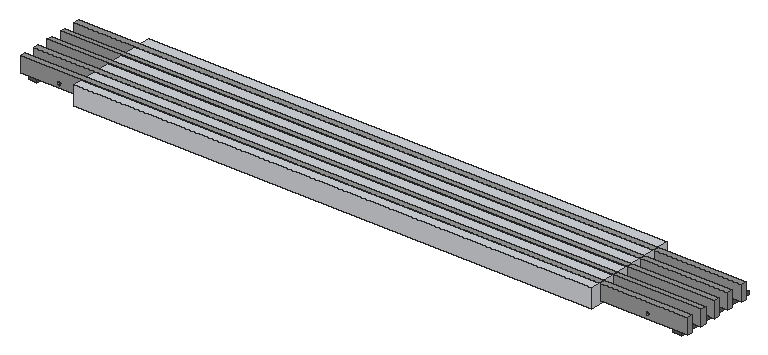
Revit family "1213-5, Veneer", category Generic Models, host Face, Revit 2020
Family settings
  Host = Face
  Can host rebar = No
  Round Connector Dimension = Use Diameter
  Part Type = Normal
  Cut with Voids When Loaded = No
  Shared = No
  Room Calculation Point = No
Parameters
  min_value [instance] = 1' - 11 1/4"  # constant formula
  max_value [instance] = 9' - 11 1/4"  # constant formula
  actual_value [instance] = if(NET LENGTH < min_value, min_value, if(NET LENGTH > max_value, max_value, NET LENGTH))  # 7' - 11 1/4"
  NET LENGTH [instance] = 7' - 11 1/4"
  IMPORTANT NOTE!!!                                                                             *Backer & dowel layout is for visualization purposes only, final layout to be determined by 9Wood. [instance] = ""
  Default Elevation = 4' - 0"
  DOWEL RADIUS [instance] = 0' - 0 1/4"  # constant formula
  BACKING M MATERIAL [instance] = BLACK-BACKERS
  .. MEMBER WIDTH [instance] = 0' - 0 3/4"  # constant formula
  .. MEMBER MATERIAL [instance] = Veneer Cherry
  .. MEMBER DEPTH [instance] = 0' - 2 1/4"  # constant formula
  .. MEMBER COUNT [instance] = 5  # constant formula
Reference planes (in)
  plane 1 "Center (Front/Back)": y = 0
  plane 2: z = 2.726
  plane 3 "Center (Left/Right)": x = 0
Forms (in)
  Extrusion 1, solid
    sketch origin (15, -0.86619, -0.99308) x (0, 1, 0) y (-1, 0, 0)
      loop
        line (3.42869, -23.66817) -> (3.42869, 50.25) -> (-10, 50.25) -> (-10, -23.66817) -> (3.42869, -23.66817)
    from 3.71908 to 1.00111
Dimensions and locks (in)
  aligned and locked: plane 2 to Extrusion 1
Nested families (in)
  nested 1: "1200 Series" at (-44, -2, 1.87867), NET LENGTH <- "actual_value", DOWEL RADII <- "DOWEL RADIUS", .. MEMBER WIDTH <- ".. MEMBER WIDTH", .. MEMBER DEPTH <- ".. MEMBER DEPTH", .. MEMBER MATERIAL <- ".. MEMBER MATERIAL", BACKING M MATERIAL <- "BACKING M MATERIAL", .. MEMBER COUNT <- ".. MEMBER COUNT", type "1200 Series"
    with X 7' - 4", WIDTH 1' - 0 1/16", Space 0' - 0 11/16", START 0' - 0 3/8", SCRIM MATERIAL SCRIM, SCRIM 3 8' - 1", SCRIM 2 0' - 0 7/8", SCRIM 1 0' - 0 3/32", SCRIM yes, NET LENGTH 7' - 11 1/4", N 8, INSET 3 0' - 0 3/16", INSET 0' - 1", INDEX 0' - 5 5/8", END BACKER yes, DOWEL RADII 0' - 0 1/4", DOWEL COUNT 8, BACKING M WIDTH 0' - 1 1/4", BACKING M MATERIAL BLACK-BACKERS, BACKING M LENGTH 0' - 11 7/8", BACKING M DEPTH 0' - 0 1/2", .. MEMBER WIDTH 0' - 0 3/4", .. MEMBER OC TYP 0' - 2.4", .. MEMBER MATERIAL Veneer Cherry, .. MEMBER DEPTH 0' - 2 1/4", .. MEMBER COUNT 5
Definition of nested family "1200 Series"
  Parameters (values of type "1200 Series")
    X [instance] = NET LENGTH - (0' 3 5/8" * 2)  # 6' - 2"
    WIDTH [instance] = 1' - 0 1/16"
    Space [instance] = 0' - 0 11/16"  # constant formula
    START [instance] = .. MEMBER WIDTH / 2  # 0' - 0 3/8"
    SCRIM MATERIAL [instance] = none
    SCRIM 3 [instance] = NET LENGTH + (SCRIM 2 * 2)  # 6' - 11"
    SCRIM 2 [instance] = 0' - 0 7/8"
    SCRIM 1 [instance] = 0' - 0 3/32"
    SCRIM [instance] = yes
    NET LENGTH [instance] = 6' - 9 1/4"
    N [instance] = if((X - (rounddown(X / 1' 0") * 1' 0")) > 1' 0", rounddown(X / 1' 0") + 2, rounddown(X / 1' 0") + 1)  # 7
    INSET 3 [instance] = 0' - 0 3/16"
    INSET [instance] = 0' - 1"
    INDEX [instance] = (NET LENGTH - ((N - 1) * 1' 0")) / 2  # 0' - 4 5/8"
    END BACKER [instance] = yes
    Default Elevation = 0' - 0"
    DOWEL RADII [instance] = 0' - 0 1/4"
    DOWEL COUNT [instance] = N  # 7
    BACKING M WIDTH [instance] = 0' - 1 1/4"
    BACKING M MATERIAL [instance] = none
    BACKING M LENGTH [instance] = 0' - 11 7/8"
    BACKING M DEPTH [instance] = 0' - 0 1/2"
    .. MEMBER WIDTH [instance] = 0' - 0 3/4"
    .. MEMBER OC TYP [instance] = 1' 0" / .. MEMBER COUNT  # 0' - 3"
    .. MEMBER MATERIAL [instance] = none
    .. MEMBER DEPTH [instance] = 0' - 1 3/8"
    .. MEMBER COUNT [instance] = 4
  Reference planes (in)
    plane 1 "Center (Front/Back)": y = -7.5
    plane 2: z = 0
    plane 3 "Center (Left/Right)": x = 0
    plane 4: x = 1
    plane 5: x = 4.625
    plane 6: x = 81.25
    plane 7: x = 80.25
    plane 8: x = 16.625
    plane 9: y = -7.3125
    plane 10: y = -4.125
    plane 11: y = -7.125
    plane 12: y = 4.5625
    plane 13: y = -4.5
    plane 14: y = -7.59375
    plane 15: x = 82.125
    plane 16: y = 4.65625
    plane 17: x = -0.875
    plane 18: z = -1.375
    plane 19: z = -0.6875
  Lines and regions (in)
    model lines
      curve 1: line (4.375, -7.5, -0.6875) -> (4.875, -7.5, -0.6875)
    model lines, not visible
      curve 2: line (4.625, -7.5, -0.9375) -> (4.625, -7.5, -0.4375)
      curve 3: line (4.375, -7.5, -0.6875) -> (4.875, -7.5, -0.6875)
      curve 4: line (16.625, -7.5, -0.9375) -> (16.625, -7.5, -0.4375)
      curve 5: line (16.375, -7.5, -0.6875) -> (16.875, -7.5, -0.6875)
      curve 6: line (28.625, -7.5, -0.9375) -> (28.625, -7.5, -0.4375)
      curve 7: line (28.375, -7.5, -0.6875) -> (28.875, -7.5, -0.6875)
      curve 8: line (40.625, -7.5, -0.9375) -> (40.625, -7.5, -0.4375)
      curve 9: line (40.375, -7.5, -0.6875) -> (40.875, -7.5, -0.6875)
      curve 10: line (52.625, -7.5, -0.9375) -> (52.625, -7.5, -0.4375)
      curve 11: line (52.375, -7.5, -0.6875) -> (52.875, -7.5, -0.6875)
      curve 12: line (64.625, -7.5, -0.9375) -> (64.625, -7.5, -0.4375)
      curve 13: line (64.375, -7.5, -0.6875) -> (64.875, -7.5, -0.6875)
      curve 14: line (76.625, -7.5, -0.9375) -> (76.625, -7.5, -0.4375)
      curve 15: line (76.375, -7.5, -0.6875) -> (76.875, -7.5, -0.6875)
  Dimensions and locks (in)
    "NET LENGTH": plane 3 "Center (Left/Right)" to plane 6
    "INSET": plane 7 to plane 6
    "INDEX": plane 3 "Center (Left/Right)" to plane 5
    plane 5 to plane 8 = 1' - 0"
    "INSET 3": plane 1 "Center (Front/Back)" to plane 9
    equal spacing: group 1, group 2, group 3, group 4  (x3)
    "START": plane 11 to plane 1 "Center (Front/Back)"
    ".. MEMBER OC TYP": plane 10 to plane 11
    "WIDTH": plane 12 to plane 1 "Center (Front/Back)"
    "START": plane 10 to plane 13
    "SCRIM 1": plane 14 to plane 1 "Center (Front/Back)"
    "SCRIM 2": plane 6 to plane 15
    "SCRIM 1": plane 12 to plane 16
    "SCRIM 2": plane 17 to plane 3 "Center (Left/Right)"
    "INSET": plane 3 "Center (Left/Right)" to plane 4
    equal spacing: group 5, group 6, group 7, group 8, group 9, group 10, group 11  (x3)
    "Space": plane 19 to plane 18
    aligned and locked: level to plane 2
    aligned and locked: nested 1 to plane 4  (x2)
    aligned and locked: plane 7 to nested 2
    aligned and locked: plane 5 to nested 3
    aligned and locked: nested 1 to plane 9
    aligned and locked: plane 1 "Center (Front/Back)" to nested 4
    aligned and locked: plane 9 to nested 2
    aligned and locked: plane 13 to nested 5
    aligned and locked: nested 3 to plane 9
    aligned and locked: plane 18 to nested 1
    aligned and locked: plane 19 to nested 3
    aligned and locked: curve 1 to plane 19
    aligned and locked: plane 8 to curve 4
    aligned and locked: curve 5 to plane 19
    aligned and locked: nested 4 to plane 18
  Automatic sketch dimensions
    curve 1 to curve 1 = 0' - 0 1/2"
    curve 1 to plane 5 = 0' - 0 1/4"
    plane 5 to curve 1 = 0' - 0 1/4"
    curve 3 to curve 2 = 0' - 0 1/4"  (x2)
    curve 2 to curve 3 = 0' - 0 1/4"  (x2)
    curve 5 to curve 4 = 0' - 0 1/4"  (x2)
    curve 4 to curve 5 = 0' - 0 1/4"  (x2)
    curve 7 to curve 6 = 0' - 0 1/4"  (x2)
    curve 6 to curve 7 = 0' - 0 1/4"  (x2)
    curve 9 to curve 8 = 0' - 0 1/4"  (x2)
    curve 8 to curve 9 = 0' - 0 1/4"  (x2)
    curve 11 to curve 10 = 0' - 0 1/4"  (x2)
    curve 10 to curve 11 = 0' - 0 1/4"  (x2)
    curve 13 to curve 12 = 0' - 0 1/4"  (x2)
    curve 12 to curve 13 = 0' - 0 1/4"  (x2)
    curve 15 to curve 14 = 0' - 0 1/4"  (x2)
    curve 14 to curve 15 = 0' - 0 1/4"  (x2)
  Nested families (in)
    nested 1: "INSTANCE - 2ND -  EXTEND SIDE H CENTER W - Parametric Cube" at (1, -1.375, -1.375) x (0, -1, 0) z (0, 0, 1), Width <- "BACKING M LENGTH", Length <- "BACKING M WIDTH", Material <- "BACKING M MATERIAL", Height <- "BACKING M DEPTH", visible <- "END BACKER", type "INSTANCE - 2ND -  EXTEND SIDE H CENTER W - Parametric Cube"
      with Width 0' - 11 7/8", Material none, Length 0' - 1 1/4", Height 0' - 0 1/2"
    nested 2: "INSTANCE - 2ND -  EXTEND SIDE H CENTER W - Parametric Cube" at (80.25, -1.375, -1.375) x (0, -1, 0) z (0, 0, 1), Width <- "BACKING M LENGTH", Length <- "BACKING M WIDTH", Material <- "BACKING M MATERIAL", Height <- "BACKING M DEPTH", visible <- "END BACKER", type "INSTANCE - 2ND -  EXTEND SIDE H CENTER W - Parametric Cube"
      with Width 0' - 11 7/8", Material none, Length 0' - 1 1/4", Height 0' - 0 1/2"
    nested 3: "Family3" at (-5.375, -7.3125, -0.6875), DOWEL RADII <- "DOWEL RADII", BACKING MEM MATERIAL <- "BACKING M MATERIAL", type "Family3"
      with DOWEL RADII 0' - 0 1/4", DOWEL LENGTH 0' - 11 7/8", BACKING MEM MATERIAL none
    nested 4: "HOLED MEMBER" at (0, -18.75, 6.19404), DOWEL RADII <- "DOWEL RADII", .. MEMBER LENGTH <- "NET LENGTH", DOWEL COUNT <- "DOWEL COUNT", DEPTH <- ".. MEMBER DEPTH", .. MEMBER WIDTH <- ".. MEMBER WIDTH", Material <- ".. MEMBER MATERIAL", DOWEL INDEX <- "INDEX", Space 2 <- "Space", type "HOLED MEMBER"
      with Width 0' - 6", Space 2 0' - 0 11/16", Material none, Length 1' - 0", Height 0' - 10.43096", DOWEL RADII 0' - 0 1/4", DOWEL OC DIST 1' - 0", DOWEL INDEX 0' - 4 5/8", DOWEL COUNT 7, DEPTH 0' - 1 3/8", .. MEMBER WIDTH 0' - 0 3/4", .. MEMBER LENGTH 6' - 9 1/4"
    nested 5: "HOLED MEMBER" at (0, -15.75, 6.19404), DOWEL RADII <- "DOWEL RADII", .. MEMBER LENGTH <- "NET LENGTH", DOWEL COUNT <- "DOWEL COUNT", DEPTH <- ".. MEMBER DEPTH", .. MEMBER WIDTH <- ".. MEMBER WIDTH", Material <- ".. MEMBER MATERIAL", DOWEL INDEX <- "INDEX", Space 2 <- "Space", type "HOLED MEMBER"
      with Width 0' - 6", Space 2 0' - 0 11/16", Material none, Length 1' - 0", Height 0' - 10.43096", DOWEL RADII 0' - 0 1/4", DOWEL OC DIST 1' - 0", DOWEL INDEX 0' - 4 5/8", DOWEL COUNT 7, DEPTH 0' - 1 3/8", .. MEMBER WIDTH 0' - 0 3/4", .. MEMBER LENGTH 6' - 9 1/4"
    nested 6: "HOLED MEMBER" at (0, -12.75, 6.19404), DOWEL RADII <- "DOWEL RADII", .. MEMBER LENGTH <- "NET LENGTH", DOWEL COUNT <- "DOWEL COUNT", DEPTH <- ".. MEMBER DEPTH", .. MEMBER WIDTH <- ".. MEMBER WIDTH", Material <- ".. MEMBER MATERIAL", DOWEL INDEX <- "INDEX", Space 2 <- "Space", type "HOLED MEMBER"
      with Width 0' - 6", Space 2 0' - 0 11/16", Material none, Length 1' - 0", Height 0' - 10.43096", DOWEL RADII 0' - 0 1/4", DOWEL OC DIST 1' - 0", DOWEL INDEX 0' - 4 5/8", DOWEL COUNT 7, DEPTH 0' - 1 3/8", .. MEMBER WIDTH 0' - 0 3/4", .. MEMBER LENGTH 6' - 9 1/4"
    nested 7: "HOLED MEMBER" at (0, -9.75, 6.19404), DOWEL RADII <- "DOWEL RADII", .. MEMBER LENGTH <- "NET LENGTH", DOWEL COUNT <- "DOWEL COUNT", DEPTH <- ".. MEMBER DEPTH", .. MEMBER WIDTH <- ".. MEMBER WIDTH", Material <- ".. MEMBER MATERIAL", DOWEL INDEX <- "INDEX", Space 2 <- "Space", type "HOLED MEMBER"
      with Width 0' - 6", Space 2 0' - 0 11/16", Material none, Length 1' - 0", Height 0' - 10.43096", DOWEL RADII 0' - 0 1/4", DOWEL OC DIST 1' - 0", DOWEL INDEX 0' - 4 5/8", DOWEL COUNT 7, DEPTH 0' - 1 3/8", .. MEMBER WIDTH 0' - 0 3/4", .. MEMBER LENGTH 6' - 9 1/4"
    nested 8: "Family3" at (6.625, -7.3125, -0.6875), DOWEL RADII <- "DOWEL RADII", BACKING MEM MATERIAL <- "BACKING M MATERIAL", type "Family3"
      with DOWEL RADII 0' - 0 1/4", DOWEL LENGTH 0' - 11 7/8", BACKING MEM MATERIAL none
    nested 9: "Family3" at (18.625, -7.3125, -0.6875), DOWEL RADII <- "DOWEL RADII", BACKING MEM MATERIAL <- "BACKING M MATERIAL", type "Family3"
      with DOWEL RADII 0' - 0 1/4", DOWEL LENGTH 0' - 11 7/8", BACKING MEM MATERIAL none
    nested 10: "Family3" at (30.625, -7.3125, -0.6875), DOWEL RADII <- "DOWEL RADII", BACKING MEM MATERIAL <- "BACKING M MATERIAL", type "Family3"
      with DOWEL RADII 0' - 0 1/4", DOWEL LENGTH 0' - 11 7/8", BACKING MEM MATERIAL none
    nested 11: "Family3" at (42.625, -7.3125, -0.6875), DOWEL RADII <- "DOWEL RADII", BACKING MEM MATERIAL <- "BACKING M MATERIAL", type "Family3"
      with DOWEL RADII 0' - 0 1/4", DOWEL LENGTH 0' - 11 7/8", BACKING MEM MATERIAL none
    nested 12: "Family3" at (54.625, -7.3125, -0.6875), DOWEL RADII <- "DOWEL RADII", BACKING MEM MATERIAL <- "BACKING M MATERIAL", type "Family3"
      with DOWEL RADII 0' - 0 1/4", DOWEL LENGTH 0' - 11 7/8", BACKING MEM MATERIAL none
    nested 13: "Family3" at (66.625, -7.3125, -0.6875), DOWEL RADII <- "DOWEL RADII", BACKING MEM MATERIAL <- "BACKING M MATERIAL", type "Family3"
      with DOWEL RADII 0' - 0 1/4", DOWEL LENGTH 0' - 11 7/8", BACKING MEM MATERIAL none
  Definition of nested family "INSTANCE - 2ND -  EXTEND SIDE H CENTER W - Parametric Cube"
    Parameters (values of type "INSTANCE - 2ND -  EXTEND SIDE H CENTER W - Parametric Cube")
      Width [instance] = 0' - 6"
      Material [instance] = none
      Length [instance] = 1' - 0"
      Height [instance] = 1' - 6"
      Default Elevation = 0' - 0"
    Reference planes (in)
      plane 1 "Center (Front/Back)": y = 0
      plane 2: z = 0
      plane 3 "Center (Left/Right)": x = 0
      plane 4: x = -3
      plane 5: x = 3
      plane 6: y = 12
      plane 7: z = -18
    Forms (in)
      Extrusion 1, solid, material <- "Material"
        sketch origin (0, 6, 0) x (1, 0, 0) y (0, 1, 0)
          loop
            line (-3, 6) -> (-3, -6) -> (3, -6) -> (3, 6) -> (-3, 6)
        from -18 to 0
    Dimensions and locks (in)
      equal spacing: plane 4, plane 3 "Center (Left/Right)", plane 5
      "Width": plane 4 to plane 5
      "Height": plane 7 to level
      "Length": plane 1 "Center (Front/Back)" to plane 6
      aligned and locked: plane 2 to level
      aligned and locked: plane 4 to Extrusion 1 sketch curve
      aligned and locked: Extrusion 1 sketch curve to plane 5
      aligned and locked: Extrusion 1 to plane 7
      aligned and locked: plane 6 to Extrusion 1
    Automatic sketch dimensions
      plane 1 "Center (Front/Back)" to Extrusion 1 sketch curve = 0' - 0"
      plane 6 to Extrusion 1 sketch curve = 0' - 0"
  Definition of nested family "Family3"
    Parameters (values of type "Family3")
      Default Elevation = 0' - 0"
      DOWEL RADII [instance] = 0' - 0 5/8"
      DOWEL LENGTH [instance] = 0' - 5"
      BACKING MEM MATERIAL [instance] = none
    Reference planes (in)
      plane 1 "Center (Front/Back)": y = 0
      plane 2: z = 0
      plane 3 "Center (Left/Right)": x = 0
      plane 4: y = 5
    Forms (in)
      Extrusion 1, solid, material <- "BACKING MEM MATERIAL"
        sketch origin (10, 0, 0) x (1, 0, 0) y (0, 0, 1)
          loop
            circle (0, 0) r 0.625
        from 0 to -5
      Extrusion 2, solid, not visible
        sketch origin (0, 0, 0) x (1, 0, 0) y (0, 0, 1)
          loop
            circle (0, 0) r 0.625
        from 0 to 12
      Extrusion 3, solid, not visible
        sketch origin (10, 0, 0) x (1, 0, 0) y (0, 0, 1)
          loop
            circle (0, 0) r 0.625
        from 0 to 2.5
      Extrusion 4, solid, not visible
        sketch origin (10, 0, 0) x (1, 0, 0) y (0, 0, 1)
          loop
            circle (0, 0) r 0.625
        from 0 to -12
    Lines and regions (in)
      model lines, not visible
        curve 1: line (-13, 0, 0) -> (-13, -12, 0)
        curve 2: line (13, 0, 0) -> (13, -12, 0)
        curve 3: line (9.89453, 0, 0) -> (10.08794, 0, 0)
        curve 4: line (9.89453, -2.5, 0) -> (10.08794, -2.5, 0)
        curve 6: line (10, 0, 0) -> (10, 2, 0)
      model lines
        curve 5: line (10, 0, 0) -> (10, 2, 0)
    Dimensions and locks (in)
      "DOWEL LENGTH": plane 1 "Center (Front/Back)" to plane 4
      "DOWEL RADII": radius of Extrusion 1 sketch curve
      "DOWEL RADII": radius of Extrusion 2 sketch curve
      "DOWEL RADII": radius of Extrusion 3 sketch curve
      "DOWEL RADII": radius of Extrusion 4 sketch curve
      "DOWEL RADII": radius of Extrusion 1
      aligned and locked: plane 2 to level
      aligned and locked: Extrusion 1 to plane 1 "Center (Front/Back)"  (x3)
      aligned and locked: plane 1 "Center (Front/Back)" to Extrusion 1
      aligned and locked: plane 4 to Extrusion 1
    Automatic sketch dimensions
      plane 1 "Center (Front/Back)" to curve 5 = 0' - 0"
      curve 5 to plane 1 "Center (Front/Back)" = 0' - 2"
      plane 3 "Center (Left/Right)" to curve 5 = 0' - 10"
      Extrusion 1 sketch curve to level = 0' - 0"
      plane 3 "Center (Left/Right)" to Extrusion 1 sketch curve = 0' - 10"
  Definition of nested family "HOLED MEMBER"
    Parameters (values of type "HOLED MEMBER")
      Width [instance] = 0' - 6"
      Space 2 [instance] = 0' - 0 5/8"
      Space = 0' - 0 5/8"
      Material [instance] = none
      Length [instance] = 1' - 0"
      Height [instance] = 0' - 10.43096"
      Default Elevation = 0' - 0"
      DOWEL RADII [instance] = 0' - 0.34537"
      DOWEL OC DIST [instance] = 1' - 0"
      DOWEL INSET = 0' - 0 5/8"
      DOWEL INDEX [instance] = 0' - 5 5/8"
      DOWEL COUNT [instance] = 6
      DEPTH [instance] = 0' - 2"
      .. MEMBER WIDTH [instance] = 0' - 0 5/8"
      .. MEMBER LENGTH [instance] = 5' - 11 3/4"
    Reference planes (in)
      plane 1 "Center (Front/Back)": y = 12
      plane 2: z = -7.56904
      plane 3 "Center (Left/Right)": x = 0
      plane 4: x = 5.625
      plane 5: x = 17.625
      plane 6: y = 11.375
      plane 7: x = 71.75
      plane 8: z = -6.94404
      plane 9: z = -5.56904
    Forms (in)
      Extrusion 1, solid, material <- "Material"
        sketch origin (0, 12, -13.56904) x (1, 0, 0) y (0, 0, 1)
          loop
            line (0, 6) -> (71.75, 6) -> (71.75, 8) -> (0, 8) -> (0, 6)
        from 0.625 to 0
      Extrusion 2, void
        sketch origin (0, 12, -18.31904) x (1, 0, 0) y (0, 0, 1)
          loop
            circle (5.625, 11.375) r 0.34537
        from 0 to 12
      Extrusion 3, void, not visible
        sketch origin (0, 1.25, 0) x (1, 0, 0) y (0, 1, 0)
          loop
            circle (5.625, 11.375) r 0.34537
        from 0 to 12
      Extrusion 4, void, not visible
        sketch origin (0, 1.25, 0) x (1, 0, 0) y (0, 1, 0)
          loop
            circle (5.625, 11.375) r 0.34537
        from 0 to 12
      Extrusion 5, void, not visible
        sketch origin (12, 1.25, 0) x (1, 0, 0) y (0, 1, 0)
          loop
            circle (5.625, 11.375) r 0.34537
        from 0 to 12
      Extrusion 6, void, not visible
        sketch origin (0, 12, -16.31904) x (1, 0, 0) y (0, 0, 1)
          loop
            circle (5.625, 11.375) r 0.34537
        from 0 to 12
      Extrusion 7, void, not visible
        sketch origin (12, 12, -16.31904) x (1, 0, 0) y (0, 0, 1)
          loop
            circle (5.625, 11.375) r 0.34537
        from 0 to 12
      Extrusion 8, void, not visible
        sketch origin (0, 12, -18.31904) x (1, 0, 0) y (0, 0, 1)
          loop
            circle (5.625, 11.375) r 0.34537
        from 0 to 12
      Extrusion 9, void
        sketch origin (12, 12, -18.31904) x (1, 0, 0) y (0, 0, 1)
          loop
            circle (5.625, 11.375) r 0.34537
        from 0 to 12
      Extrusion 10, void, not visible
        sketch origin (24, 12, -16.31904) x (1, 0, 0) y (0, 0, 1)
          loop
            circle (5.625, 11.375) r 0.34537
        from 0 to 12
      Extrusion 11, void, not visible
        sketch origin (36, 12, -16.31904) x (1, 0, 0) y (0, 0, 1)
          loop
            circle (5.625, 11.375) r 0.34537
        from 0 to 12
      Extrusion 12, void, not visible
        sketch origin (48, 12, -16.31904) x (1, 0, 0) y (0, 0, 1)
          loop
            circle (5.625, 11.375) r 0.34537
        from 0 to 12
      Extrusion 13, void, not visible
        sketch origin (60, 12, -16.31904) x (1, 0, 0) y (0, 0, 1)
          loop
            circle (5.625, 11.375) r 0.34537
        from 0 to 12
      Extrusion 14, void, not visible
        sketch origin (24, 1.25, 0) x (1, 0, 0) y (0, 1, 0)
          loop
            circle (5.625, 11.375) r 0.34537
        from 0 to 12
      Extrusion 15, void, not visible
        sketch origin (36, 1.25, 0) x (1, 0, 0) y (0, 1, 0)
          loop
            circle (5.625, 11.375) r 0.34537
        from 0 to 12
      Extrusion 16, void, not visible
        sketch origin (48, 1.25, 0) x (1, 0, 0) y (0, 1, 0)
          loop
            circle (5.625, 11.375) r 0.34537
        from 0 to 12
      Extrusion 17, void, not visible
        sketch origin (60, 1.25, 0) x (1, 0, 0) y (0, 1, 0)
          loop
            circle (5.625, 11.375) r 0.34537
        from 0 to 12
      Extrusion 18, void
        sketch origin (24, 12, -18.31904) x (1, 0, 0) y (0, 0, 1)
          loop
            circle (5.625, 11.375) r 0.34537
        from 0 to 12
      Extrusion 19, void
        sketch origin (36, 12, -18.31904) x (1, 0, 0) y (0, 0, 1)
          loop
            circle (5.625, 11.375) r 0.34537
        from 0 to 12
      Extrusion 20, void
        sketch origin (48, 12, -18.31904) x (1, 0, 0) y (0, 0, 1)
          loop
            circle (5.625, 11.375) r 0.34537
        from 0 to 12
      Extrusion 21, void
        sketch origin (60, 12, -18.31904) x (1, 0, 0) y (0, 0, 1)
          loop
            circle (5.625, 11.375) r 0.34537
        from 0 to 12
    Cuts and joins
      Extrusion 2, Extrusion 9, Extrusion 18, Extrusion 19, Extrusion 20, Extrusion 21 cuts Extrusion 1
    Lines and regions (in)
      model lines, not visible
        curve 1: line (5.625, 11.72037, 0) -> (5.625, 11.02963, 0)
        curve 2: line (5.625, 11.72037, 0) -> (5.625, 11.02963, 0)
        curve 3: line (17.625, 11.72037, 0) -> (17.625, 11.02963, 0)
        curve 4: line (5.625, 12, -7.56904) -> (5.625, 11.87317, -7.56904)
        curve 5: line (5.625, 11.87317, -7.56904) -> (5.06195, 11.87317, -7.56904)
        curve 6: line (5.06195, 11.87317, -7.56904) -> (5.27963, 11.375, -7.56904)
        curve 7: line (0, 12, -6.19404) -> (0, 11.61951, -6.19404)
        curve 8: line (0, 11.375, -8.19404) -> (0, 11.6747, -8.19404)
        curve 9: line (5.625, 12, -7.56904) -> (5.625, 11.69863, -7.56904)
        curve 11: line (5.625, 12, 0) -> (5.625, 12, 0.30137)
        curve 12: line (5.625, 12, 0) -> (5.625, 12, 0.30137)
        curve 13: line (17.625, 12, 0) -> (17.625, 12, 0.30137)
        curve 14: line (5.625, 12, -5.56904) -> (5.625, 11.69863, -5.56904)
        curve 15: line (17.625, 12, -5.56904) -> (17.625, 11.69863, -5.56904)
        curve 16: line (5.625, 12, -7.56904) -> (5.625, 11.69863, -7.56904)
        curve 18: line (29.625, 12, -5.56904) -> (29.625, 11.69863, -5.56904)
        curve 19: line (41.625, 12, -5.56904) -> (41.625, 11.69863, -5.56904)
        curve 20: line (53.625, 12, -5.56904) -> (53.625, 11.69863, -5.56904)
        curve 21: line (65.625, 12, -5.56904) -> (65.625, 11.69863, -5.56904)
        curve 22: line (29.625, 11.72037, 0) -> (29.625, 11.02963, 0)
        curve 23: line (29.625, 12, 0) -> (29.625, 12, 0.30137)
        curve 24: line (41.625, 11.72037, 0) -> (41.625, 11.02963, 0)
        curve 25: line (41.625, 12, 0) -> (41.625, 12, 0.30137)
        curve 26: line (53.625, 11.72037, 0) -> (53.625, 11.02963, 0)
        curve 27: line (53.625, 12, 0) -> (53.625, 12, 0.30137)
        curve 28: line (65.625, 11.72037, 0) -> (65.625, 11.02963, 0)
        curve 29: line (65.625, 12, 0) -> (65.625, 12, 0.30137)
        curve 35: line (5.27963, 12.625, 0) -> (5.97037, 12.625, 0)
        curve 36: line (5.27963, 12.625, 0) -> (5.97037, 12.625, 0)
        curve 37: line (17.27963, 12.625, 0) -> (17.97037, 12.625, 0)
        curve 38: line (5.27963, 12, -4.94404) -> (5.97037, 12, -4.94404)
        curve 39: line (17.27963, 12, -4.94404) -> (17.97037, 12, -4.94404)
        curve 40: line (5.27963, 12, -6.94404) -> (5.97037, 12, -6.94404)
        curve 42: line (29.27963, 12, -4.94404) -> (29.97037, 12, -4.94404)
        curve 43: line (41.27963, 12, -4.94404) -> (41.97037, 12, -4.94404)
        curve 44: line (53.27963, 12, -4.94404) -> (53.97037, 12, -4.94404)
        curve 45: line (65.27963, 12, -4.94404) -> (65.97037, 12, -4.94404)
        curve 46: line (29.27963, 12.625, 0) -> (29.97037, 12.625, 0)
        curve 47: line (41.27963, 12.625, 0) -> (41.97037, 12.625, 0)
        curve 48: line (53.27963, 12.625, 0) -> (53.97037, 12.625, 0)
        curve 49: line (65.27963, 12.625, 0) -> (65.97037, 12.625, 0)
        curve 54: line (0, 12, -6.94404) -> (0, 4.22059, -6.94404)
        curve 55: line (0, 12.625, 0) -> (0, 12.625, 7.77941)
        curve 56: line (0, 12.625, 0) -> (0, 12.625, 7.77941)
        curve 57: line (12, 12.625, 0) -> (12, 12.625, 7.77941)
        curve 58: line (0, 12, -4.94404) -> (0, 4.22059, -4.94404)
        curve 59: line (12, 12, -4.94404) -> (12, 4.22059, -4.94404)
        curve 60: line (0, 12, -6.94404) -> (0, 4.22059, -6.94404)
        curve 61: line (12, 12, -6.94404) -> (12, 4.22059, -6.94404)
        curve 62: line (24, 12, -4.94404) -> (24, 4.22059, -4.94404)
        curve 63: line (36, 12, -4.94404) -> (36, 4.22059, -4.94404)
        curve 64: line (48, 12, -4.94404) -> (48, 4.22059, -4.94404)
        curve 65: line (60, 12, -4.94404) -> (60, 4.22059, -4.94404)
        curve 66: line (24, 12.625, 0) -> (24, 12.625, 7.77941)
        curve 67: line (36, 12.625, 0) -> (36, 12.625, 7.77941)
        curve 68: line (48, 12.625, 0) -> (48, 12.625, 7.77941)
        curve 69: line (60, 12.625, 0) -> (60, 12.625, 7.77941)
        curve 70: line (24, 12, -6.94404) -> (24, 4.22059, -6.94404)
        curve 71: line (36, 12, -6.94404) -> (36, 4.22059, -6.94404)
        curve 72: line (48, 12, -6.94404) -> (48, 4.22059, -6.94404)
        curve 73: line (60, 12, -6.94404) -> (60, 4.22059, -6.94404)
      model lines
        curve 10: line (5.625, 12, -7.56904) -> (5.625, 11.69863, -7.56904)
        curve 17: line (17.625, 12, -7.56904) -> (17.625, 11.69863, -7.56904)
        curve 30: line (29.625, 12, -7.56904) -> (29.625, 11.69863, -7.56904)
        curve 31: line (41.625, 12, -7.56904) -> (41.625, 11.69863, -7.56904)
        curve 32: line (53.625, 12, -7.56904) -> (53.625, 11.69863, -7.56904)
        curve 33: line (65.625, 12, -7.56904) -> (65.625, 11.69863, -7.56904)
        curve 34: line (5.27963, 12, -6.94404) -> (5.97037, 12, -6.94404)
        curve 41: line (17.27963, 12, -6.94404) -> (17.97037, 12, -6.94404)
        curve 50: line (29.27963, 12, -6.94404) -> (29.97037, 12, -6.94404)
        curve 51: line (41.27963, 12, -6.94404) -> (41.97037, 12, -6.94404)
        curve 52: line (53.27963, 12, -6.94404) -> (53.97037, 12, -6.94404)
        curve 53: line (65.27963, 12, -6.94404) -> (65.97037, 12, -6.94404)
    Dimensions and locks (in)
      "DOWEL INDEX": plane 3 "Center (Left/Right)" to plane 4
      "DOWEL OC DIST": plane 4 to plane 5
      ".. MEMBER LENGTH": plane 3 "Center (Left/Right)" to plane 7
      equal spacing: group 3, group 4, group 17, group 18, group 19, group 20  (x3)
      equal spacing: group 7, group 8, group 13, group 14, group 15, group 16  (x3)
      equal spacing: group 1, group 12, group 21, group 22, group 23, group 24  (x3)
      ".. MEMBER WIDTH": plane 6 to plane 1 "Center (Front/Back)"
      "DEPTH": plane 9 to level
      "Space 2": plane 8 to level
      "DOWEL RADII": radius of Extrusion 2 sketch curve
      "DOWEL RADII": radius of Extrusion 3 sketch curve
      "DOWEL RADII": radius of Extrusion 4 sketch curve
      "DOWEL RADII": radius of Extrusion 5 sketch curve
      "DOWEL RADII": radius of Extrusion 6 sketch curve
      "DOWEL RADII": radius of Extrusion 7 sketch curve
      "DOWEL RADII": radius of Extrusion 8 sketch curve
      "DOWEL RADII": radius of Extrusion 9 sketch curve
      "DOWEL RADII": radius of Extrusion 10 sketch curve
      "DOWEL RADII": radius of Extrusion 11 sketch curve
      "DOWEL RADII": radius of Extrusion 12 sketch curve
      "DOWEL RADII": radius of Extrusion 13 sketch curve
      "DOWEL RADII": radius of Extrusion 14 sketch curve
      "DOWEL RADII": radius of Extrusion 15 sketch curve
      "DOWEL RADII": radius of Extrusion 16 sketch curve
      "DOWEL RADII": radius of Extrusion 17 sketch curve
      "DOWEL RADII": radius of Extrusion 18 sketch curve
      "DOWEL RADII": radius of Extrusion 19 sketch curve
      "DOWEL RADII": radius of Extrusion 20 sketch curve
      "DOWEL RADII": radius of Extrusion 21 sketch curve
      aligned and locked: level to plane 2
      aligned and locked: Extrusion 1 to plane 3 "Center (Left/Right)"  (x2)
      aligned and locked: plane 7 to cut or joined group of Extrusion 1, Extrusion 2, Extrusion 9, Extrusion 18, Extrusion 19, Extrusion 20, Extrusion 21  (x2)
      aligned and locked: cut or joined group of Extrusion 1, Extrusion 2, Extrusion 9, Extrusion 18, Extrusion 19, Extrusion 20, Extrusion 21 to plane 1 "Center (Front/Back)"  (x2)
      aligned and locked: cut or joined group of Extrusion 1, Extrusion 2, Extrusion 9, Extrusion 18, Extrusion 19, Extrusion 20, Extrusion 21 to plane 6  (x2)
      aligned and locked: plane 4 to curve 10
      aligned and locked: plane 5 to curve 17
      aligned and locked: plane 9 to cut or joined group of Extrusion 1, Extrusion 2, Extrusion 9, Extrusion 18, Extrusion 19, Extrusion 20, Extrusion 21  (x2)
      aligned and locked: cut or joined group of Extrusion 1, Extrusion 2, Extrusion 9, Extrusion 18, Extrusion 19, Extrusion 20, Extrusion 21 to level
      aligned and locked: plane 8 to Extrusion 2
      aligned and locked: curve 34 to plane 8
      aligned and locked: curve 41 to plane 8
      aligned and locked: level to curve 10
      aligned and locked: curve 10 to level
      aligned and locked: plane 8 to cut or joined group of Extrusion 1, Extrusion 2, Extrusion 9, Extrusion 18, Extrusion 19, Extrusion 20, Extrusion 21
      aligned and locked: curve 54 to plane 8
    Automatic sketch dimensions
      curve 1 to curve 1 = 0' - 0.69074"
      curve 2 to curve 2 = 0' - 0.69074"
      curve 3 to curve 3 = 0' - 0.69074"
      Extrusion 1 sketch curve to plane 3 "Center (Left/Right)" = 0' - 0"
      Extrusion 1 sketch curve to plane 7 = 0' - 0"
      Extrusion 1 sketch curve to Extrusion 1 sketch curve = 0' - 2"
      level to Extrusion 1 sketch curve = 0' - 0"
      curve 9 to curve 9 = 0' - 0.30137"
      curve 10 to curve 10 = 0' - 0.30137"
      curve 11 to curve 11 = 0' - 0.30137"
      curve 12 to curve 12 = 0' - 0.30137"
      curve 13 to curve 13 = 0' - 0.30137"
      curve 14 to curve 14 = 0' - 0.30137"
      curve 15 to curve 15 = 0' - 0.30137"
      curve 16 to curve 16 = 0' - 0.30137"
      curve 17 to curve 17 = 0' - 0.30137"
      curve 18 to curve 18 = 0' - 0.30137"
      curve 19 to curve 19 = 0' - 0.30137"
      curve 20 to curve 20 = 0' - 0.30137"
      curve 21 to curve 21 = 0' - 0.30137"
      curve 22 to curve 22 = 0' - 0.69074"
      curve 23 to curve 23 = 0' - 0.30137"
      curve 24 to curve 24 = 0' - 0.69074"
      curve 25 to curve 25 = 0' - 0.30137"
      curve 26 to curve 26 = 0' - 0.69074"
      curve 27 to curve 27 = 0' - 0.30137"
      curve 28 to curve 28 = 0' - 0.69074"
      curve 29 to curve 29 = 0' - 0.30137"
      curve 30 to curve 30 = 0' - 0.30137"
      curve 31 to curve 31 = 0' - 0.30137"
      curve 32 to curve 32 = 0' - 0.30137"
      curve 33 to curve 33 = 0' - 0.30137"
      curve 34 to curve 34 = 0' - 0.69074"
      curve 35 to curve 35 = 0' - 0.69074"
      curve 36 to curve 36 = 0' - 0.69074"
      curve 37 to curve 37 = 0' - 0.69074"
      curve 38 to curve 38 = 0' - 0.69074"
      curve 39 to curve 39 = 0' - 0.69074"
      curve 40 to curve 40 = 0' - 0.69074"
      curve 41 to curve 41 = 0' - 0.69074"
      curve 42 to curve 42 = 0' - 0.69074"
      curve 43 to curve 43 = 0' - 0.69074"
      curve 44 to curve 44 = 0' - 0.69074"
      curve 45 to curve 45 = 0' - 0.69074"
      curve 46 to curve 46 = 0' - 0.69074"
      curve 47 to curve 47 = 0' - 0.69074"
      curve 48 to curve 48 = 0' - 0.69074"
      curve 49 to curve 49 = 0' - 0.69074"
      curve 50 to curve 50 = 0' - 0.69074"
      curve 51 to curve 51 = 0' - 0.69074"
      curve 52 to curve 52 = 0' - 0.69074"
      curve 53 to curve 53 = 0' - 0.69074"
      curve 54 to curve 54 = 0' - 7.77941"
      curve 55 to curve 55 = 0' - 7.77941"
      curve 56 to curve 56 = 0' - 7.77941"
      curve 57 to curve 57 = 0' - 7.77941"
      curve 58 to curve 58 = 0' - 7.77941"
      curve 59 to curve 59 = 0' - 7.77941"
      curve 60 to curve 60 = 0' - 7.77941"
      curve 61 to curve 61 = 0' - 7.77941"
      curve 62 to curve 62 = 0' - 7.77941"
      curve 63 to curve 63 = 0' - 7.77941"
      curve 64 to curve 64 = 0' - 7.77941"
      curve 65 to curve 65 = 0' - 7.77941"
      curve 66 to curve 66 = 0' - 7.77941"
      curve 67 to curve 67 = 0' - 7.77941"
      curve 68 to curve 68 = 0' - 7.77941"
      curve 69 to curve 69 = 0' - 7.77941"
      curve 70 to curve 70 = 0' - 7.77941"
      curve 71 to curve 71 = 0' - 7.77941"
      curve 72 to curve 72 = 0' - 7.77941"
      curve 73 to curve 73 = 0' - 7.77941"
